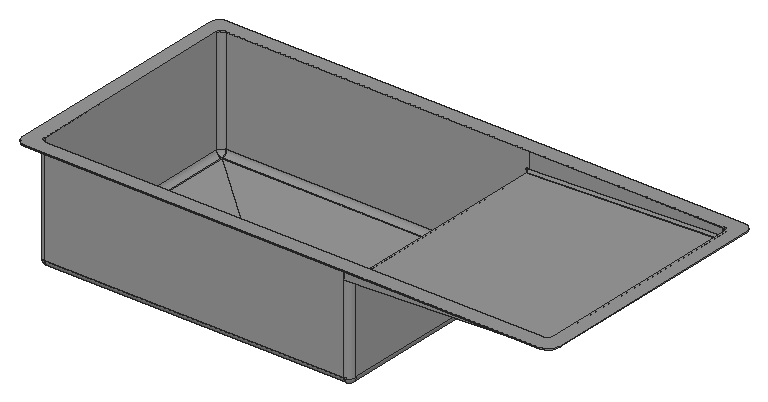
Revit family "BUILDMAT-SNA01009-Cody-950-Drainboard-Stainless Steel", category Plumbing Fixtures, host Face, Revit 2020
Family settings
  Host = Face
  Round Connector Dimension = Use Diameter
  Part Type = Normal
  Cut with Voids When Loaded = No
  Shared = No
  Room Calculation Point = No
Parameters (values of type "Cody 950x450x205mm")
  Width = 550.0 mm
  Undermount [instance] = 0.0 mm
  URL = "https://www.buildmat.com.au/products/950x450x250-single-bowl-drainboard-sink"
  Model = "SNA01009"  # constant formula
  Manufacturer URL = "https://www.buildmat.com.au/"
  Manufacturer = "BUILDMAT"  # constant formula
  Length = 400.0 mm
  Drainboard Length = 350.0 mm
  Description = "BUILDMAT - Cody 950x450 Single Bowl with Drain Board Sink"  # constant formula
  Depth = 205.0 mm
  Default Elevation = 1219.2 mm
  Created By URL = "https://www.buildmat.com.au/"
  Created By = "BUILDMAT"  # constant formula
  Created = "22.06.2022"  # constant formula
  Material = BUILDMAT Stainless Steel
Reference planes
  plane 1 "Center (Front/Back)": y = 0
  plane 2: z = 0
  plane 3 "Center (Left/Right)": x = 0
  plane 4 "Left": x = -275
  plane 5 "Right": x = 275
  plane 6 "Back": y = 200
  plane 7 "Front": y = -200
  plane 8 "Drainboard": x = 625
  plane 9: x = -276.5
  plane 10: x = 626.5
  plane 11: x = -265
  plane 12: x = 265
  plane 13: x = -300
  plane 14: x = 650
  plane 15: y = 201.5
  plane 16: y = -201.5
  plane 17: y = 100
  plane 18: y = -100
  plane 19: y = 225
  plane 20: y = -225
  plane 21 "Top Substrate": z = 0
  plane 22: z = 1.5
  plane 23 "Bottom Void": z = -205
  plane 24: z = -185
  plane 25: z = -195
  plane 26 "Sound Pad": z = -85
  plane 27: z = -196.5
  plane 28: z = -200
  plane 29: z = -201.5
  plane 30: x = -175
  plane 31: x = 175
  plane 32: x = 276.5
  plane 33: x = 615
  plane 34: y = 190
  plane 35: y = -190
  plane 36: x = -45
  plane 37: x = -57
  plane 38: x = 45
  plane 39: x = 57
  plane 40: z = -30
  plane 41: z = -15
  plane 42: x = -100
  plane 43: x = 100
  plane 44: x = 525
Forms (mm)
  Extrusion 1, void
    sketch origin (0, 0, 0) x (-1, 0, 0) y (0, -1, 0)
      loop
        arc (280, -225) -> (294.142, -219.142) -> (300, -205) r 20
        line (300, -205) -> (300, 205)
        arc (300, 205) -> (294.142, 219.142) -> (280, 225) r 20
        line (280, 225) -> (-630, 225)
        arc (-630, 225) -> (-644.142, 219.142) -> (-650, 205) r 20
        line (-650, 205) -> (-650, -205)
        arc (-650, -205) -> (-644.142, -219.142) -> (-630, -225) r 20
        line (-630, -225) -> (280, -225)
    from 0 to 1.5
  Extrusion 2, void
    sketch origin (0, 0, 0) x (-1, 0, 0) y (0, -1, 0)
      loop
        arc (265, -200) -> (272.071, -197.071) -> (275, -190) r 10
        line (275, -190) -> (275, 190)
        arc (275, 190) -> (272.071, 197.071) -> (265, 200) r 10
        line (265, 200) -> (-615, 200)
        arc (-615, 200) -> (-622.071, 197.071) -> (-625, 190) r 10
        line (-625, 190) -> (-625, -190)
        arc (-625, -190) -> (-622.071, -197.071) -> (-615, -200) r 10
        line (-615, -200) -> (265, -200)
    from 1.5 to 0
  Extrusion 3, void
    sketch origin (0, 0, 0) x (-1, 0, 0) y (0, -1, 0)
      loop
        line (276.5, -201.5) -> (276.5, 201.5) -> (-626.5, 201.5) -> (-626.5, -201.5) -> (276.5, -201.5)
    from 0 to -205
  Extrusion 4, solid, material "BUILDMAT Stainless Steel" <- "Material"
    sketch origin (0, 0, 0) x (-1, 0, 0) y (0, -1, 0)
      loop
        arc (265, -200) -> (272.071, -197.071) -> (275, -190) r 10
        line (275, -190) -> (275, 190)
        arc (275, 190) -> (272.071, 197.071) -> (265, 200) r 10
        line (265, 200) -> (-265, 200)
        arc (-265, 200) -> (-272.071, 197.071) -> (-275, 190) r 10
        line (-275, 190) -> (-275, -190)
        arc (-275, -190) -> (-272.071, -197.071) -> (-265, -200) r 10
        line (-265, -200) -> (265, -200)
      loop
        arc (265, -201.5) -> (273.132, -198.132) -> (276.5, -190) r 11.5
        line (276.5, -190) -> (276.5, 190)
        arc (276.5, 190) -> (273.132, 198.132) -> (265, 201.5) r 11.5
        line (265, 201.5) -> (-265, 201.5)
        arc (-265, 201.5) -> (-273.132, 198.132) -> (-276.5, 190) r 11.5
        line (-276.5, 190) -> (-276.5, -190)
        arc (-276.5, -190) -> (-273.132, -198.132) -> (-265, -201.5) r 11.5
        line (-265, -201.5) -> (265, -201.5)
    from 0 to -185
  Extrusion 5, solid, material "BUILDMAT Stainless Steel" <- "Material"
    sketch origin (0, 0, 0) x (-1, 0, 0) y (0, -1, 0)
      loop
        arc (280, -225) -> (294.142, -219.142) -> (300, -205) r 20
        line (300, -205) -> (300, 205)
        arc (300, 205) -> (294.142, 219.142) -> (280, 225) r 20
        line (280, 225) -> (-630, 225)
        arc (-630, 225) -> (-644.142, 219.142) -> (-650, 205) r 20
        line (-650, 205) -> (-650, -205)
        arc (-650, -205) -> (-644.142, -219.142) -> (-630, -225) r 20
        line (-630, -225) -> (280, -225)
      loop
        arc (265, -200) -> (272.071, -197.071) -> (275, -190) r 10
        line (275, -190) -> (275, 190)
        arc (275, 190) -> (272.071, 197.071) -> (265, 200) r 10
        line (265, 200) -> (-615, 200)
        arc (-615, 200) -> (-622.071, 197.071) -> (-625, 190) r 10
        line (-625, 190) -> (-625, -190)
        arc (-625, -190) -> (-622.071, -197.071) -> (-615, -200) r 10
        line (-615, -200) -> (265, -200)
    from 0 to 1.5
  Extrusion 6, solid, material "BUILDMAT Stainless Steel" <- "Material"
    sketch origin (0, 0, 0) x (1, 0, 0) y (0, 0, 1)
      loop
        line (-275, -185) -> (-276.5, -185)
        arc (-276.5, -185) -> (-273.132, -193.132) -> (-265, -196.5) r 11.5
        line (-265, -196.5) -> (-265, -195)
        arc (-265, -195) -> (-272.071, -192.071) -> (-275, -185) r 10
    from -190 to 190
  Extrusion 7, solid, material "BUILDMAT Stainless Steel" <- "Material"
    sketch origin (0, 0, 0) x (1, 0, 0) y (0, 0, 1)
      loop
        arc (275, -185) -> (272.071, -192.071) -> (265, -195) r 10
        line (265, -195) -> (265, -196.5)
        arc (265, -196.5) -> (273.132, -193.132) -> (276.5, -185) r 11.5
        line (276.5, -185) -> (275, -185)
    from -190 to 190
  Extrusion 8, solid, material "BUILDMAT Stainless Steel" <- "Material"
    sketch origin (0, 0, 0) x (0, 1, 0) y (0, 0, 1)
      loop
        arc (200, -185) -> (197.071, -192.071) -> (190, -195) r 10
        line (190, -195) -> (190, -196.5)
        arc (190, -196.5) -> (198.132, -193.132) -> (201.5, -185) r 11.5
        line (201.5, -185) -> (200, -185)
    from -265 to 265
  Extrusion 9, solid, material "BUILDMAT Stainless Steel" <- "Material"
    sketch origin (0, 0, 0) x (0, 1, 0) y (0, 0, 1)
      loop
        line (-200, -185) -> (-201.5, -185)
        arc (-201.5, -185) -> (-198.132, -193.132) -> (-190, -196.5) r 11.5
        line (-190, -196.5) -> (-190, -195)
        arc (-190, -195) -> (-197.071, -192.071) -> (-200, -185) r 10
    from -265 to 265
  Revolve 10, solid, material "BUILDMAT Stainless Steel" <- "Material"
    sketch origin (-414.842, 190, 1219.2) x (-1, 0, 0) y (0, 0, 1)
      loop
        line (-149.842, -1414.2) -> (-149.842, -1415.7)
        arc (-149.842, -1415.7) -> (-141.711, -1412.332) -> (-138.342, -1404.2) r 11.5
        line (-138.342, -1404.2) -> (-139.842, -1404.2)
        arc (-139.842, -1404.2) -> (-142.771, -1411.271) -> (-149.842, -1414.2) r 10
      axis (-149.842, -1404.2) -> (-149.842, -1415.7)
    angle from 0 to -90
  Revolve 11, solid, material "BUILDMAT Stainless Steel" <- "Material"
    sketch origin (-414.842, 190, 1219.2) x (-1, 0, 0) y (0, 0, 1)
      loop
        line (-689.842, -1404.2) -> (-691.342, -1404.2)
        arc (-691.342, -1404.2) -> (-687.974, -1412.332) -> (-679.842, -1415.7) r 11.5
        line (-679.842, -1415.7) -> (-679.842, -1414.2)
        arc (-679.842, -1414.2) -> (-686.913, -1411.271) -> (-689.842, -1404.2) r 10
      axis (-679.842, -1404.2) -> (-679.842, -1415.7)
    angle from 270 to 360
  Revolve 12, solid, material "BUILDMAT Stainless Steel" <- "Material"
    sketch origin (-414.842, -190, 1219.2) x (-1, 0, 0) y (0, 0, 1)
      loop
        line (-149.842, -1414.2) -> (-149.842, -1415.7)
        arc (-149.842, -1415.7) -> (-141.711, -1412.332) -> (-138.342, -1404.2) r 11.5
        line (-138.342, -1404.2) -> (-139.842, -1404.2)
        arc (-139.842, -1404.2) -> (-142.771, -1411.271) -> (-149.842, -1414.2) r 10
      axis (-149.842, -1404.2) -> (-149.842, -1415.7)
    angle from 0 to 90
  Revolve 13, solid, material "BUILDMAT Stainless Steel" <- "Material"
    sketch origin (-414.842, -190, 1219.2) x (-1, 0, 0) y (0, 0, 1)
      loop
        line (-689.842, -1404.2) -> (-691.342, -1404.2)
        arc (-691.342, -1404.2) -> (-687.974, -1412.332) -> (-679.842, -1415.7) r 11.5
        line (-679.842, -1415.7) -> (-679.842, -1414.2)
        arc (-679.842, -1414.2) -> (-686.913, -1411.271) -> (-689.842, -1404.2) r 10
      axis (-679.842, -1404.2) -> (-679.842, -1415.7)
    angle from -270 to -360
  Blend 14, solid, material "BUILDMAT Stainless Steel" <- "Material"
    base sketch origin (0, 0, 0) x (-1, 0, 0) y (0, -1, 0)
      loop
        circle (0, 0) r 57
    top sketch origin (0, 0, 0) x (-1, 0, 0) y (0, -1, 0)
      loop
        line (265, -190) -> (265, 190) -> (-265, 190) -> (-265, -190) -> (265, -190)
    from -201.5 to -196.5
  Extrusion 15, solid, material "BUILDMAT Stainless Steel" <- "Material"
    sketch origin (0, 0, 0) x (-1, 0, 0) y (0, -1, 0)
      loop
        line (265, -190) -> (265, 190) -> (-265, 190) -> (-265, -190) -> (265, -190)
    from -196.5 to -195
  Blend 16, void
    base sketch origin (0, 0, 0) x (-1, 0, 0) y (0, -1, 0)
      loop
        circle (0, 0) r 57
    top sketch origin (0, 0, 0) x (-1, 0, 0) y (0, -1, 0)
      loop
        line (265, -190) -> (265, 190) -> (-265, 190) -> (-265, -190) -> (265, -190)
    from -200 to -195
  Extrusion 17, void
    sketch origin (0, 0, 0) x (-1, 0, 0) y (0, -1, 0)
      loop
        circle (0, 0) r 57
    from -205 to -185
  Revolve 18, solid, material "BUILDMAT Stainless Steel" <- "Material"
    sketch origin (0, 0, 0) x (1, 0, 0) y (0, 0, 1)
      loop
        line (-45, -205) -> (-45, -203.5)
        spline (-45, -203.5) -> (-46.371, -203.47) -> (-47.718, -203.381) -> (-49.018, -203.234) -> (-50.25, -203.031) -> (-51.392, -202.777) -> (-52.425, -202.475) -> (-53.33, -202.131) -> (-54.093, -201.75) -> (-54.701, -201.339) -> (-55.142, -200.906) -> (-55.41, -200.457) -> (-55.5, -200)
        line (-55.5, -200) -> (-57, -200)
        spline (-57, -200) -> (-56.897, -200.653) -> (-56.591, -201.294) -> (-56.087, -201.913) -> (-55.392, -202.5) -> (-54.52, -203.044) -> (-53.485, -203.536) -> (-52.305, -203.967) -> (-51, -204.33) -> (-49.592, -204.619) -> (-48.106, -204.83) -> (-46.566, -204.957) -> (-45, -205)
      axis (0, -200) -> (0, -205)
    angle from 0 to 360
  Extrusion 19, solid, material "BUILDMAT Stainless Steel" <- "Material"
    sketch origin (0, 0, 0) x (1, 0, 0) y (0, 0, 1)
      loop
        line (626.5, -15) -> (626.5, 0) -> (625, 0) -> (625, -13.561) -> (265, -28.499) -> (265, -30) -> (626.5, -15)
    from -190 to 190
  Revolve 20, solid, material "BUILDMAT Stainless Steel" <- "Material"
    sketch origin (-414.842, -190, 1219.2) x (-1, 0, 0) y (0, 0, 1)
      loop
        line (-1041.342, -1219.2) -> (-1041.342, -1234.2) -> (-1029.842, -1234.677) -> (-1029.842, -1233.176) -> (-1039.842, -1232.761) -> (-1039.842, -1219.2) -> (-1041.342, -1219.2)
      axis (-1029.842, -1234.677) -> (-1029.842, -1219.2)
    angle from 0 to 90
  Revolve 21, solid, material "BUILDMAT Stainless Steel" <- "Material"
    sketch origin (-414.842, 190, 1219.2) x (-1, 0, 0) y (0, 0, 1)
      loop
        line (-1041.342, -1219.2) -> (-1041.342, -1234.2) -> (-1029.842, -1234.677) -> (-1029.842, -1233.176) -> (-1039.842, -1232.761) -> (-1039.842, -1219.2) -> (-1041.342, -1219.2)
      axis (-1029.842, -1219.2) -> (-1029.842, -1234.677)
    angle from -90 to 0
  SweptBlend 22, solid, material "BUILDMAT Stainless Steel" <- "Material"
    path origin (0, 0, 0) x (-1, 0, 0) y (0, -1, 0)
      loop
        line (-615, -200) -> (-265, -200)
    profile origin (615, 200, 0) x (0, -1, 0) y (0, 0, 1)
      loop
        line (-1.5, -15) -> (10, -15.419) -> (10, -13.918) -> (0, -13.554) -> (0, 0) -> (-1.5, 0) -> (-1.5, -15)
    end profile origin (265, 200, 0) x (0, -1, 0) y (0, 0, 1)
      loop
        line (10, -28.499) -> (0, -28.134) -> (0, 0) -> (-1.5, 0) -> (-1.5, -29.581) -> (10, -30) -> (10, -28.499)
  SweptBlend 23, solid, material "BUILDMAT Stainless Steel" <- "Material"
    path origin (0, 0, 0) x (-1, 0, 0) y (0, -1, 0)
      loop
        line (-615, 200) -> (-265, 200)
    profile origin (615, -200, 0) x (0, -1, 0) y (0, 0, 1)
      loop
        line (-10, -15.419) -> (1.5, -15) -> (1.5, 0) -> (0, 0) -> (0, -13.554) -> (-10, -13.918) -> (-10, -15.419)
    end profile origin (265, -200, 0) x (0, -1, 0) y (0, 0, 1)
      loop
        line (-10, -30) -> (1.5, -29.581) -> (1.5, 0) -> (0, 0) -> (0, -28.134) -> (-10, -28.499) -> (-10, -30)
  SweptBlend 24, void
    path origin (0, 0, 0) x (1, 0, 0) y (0, 0, 1)
      loop
        line (265, 0) -> (615, 0)
    profile origin (265, 0, 0) x (0, 0, 1) y (0, -1, 0)
      loop
        line (0, -200) -> (0, 200) -> (-29.635, 200) -> (-30, 190) -> (-30, -190) -> (-29.635, -200) -> (0, -200)
    end profile origin (615, 0, 0) x (0, 0, 1) y (0, -1, 0)
      loop
        line (0, -200) -> (0, 200) -> (-15, 200) -> (-15, -200) -> (0, -200)
  Extrusion 25, void
    sketch origin (0, 0, 0) x (-1, 0, 0) y (0, -1, 0)
      loop
        line (-265, -200) -> (-265, 200)
        arc (-265, 200) -> (-272.071, 197.071) -> (-275, 190) r 10
        line (-275, 190) -> (-275, -190)
        arc (-275, -190) -> (-272.071, -197.071) -> (-265, -200) r 10
    from 0 to -30
Cuts and joins
  SweptBlend 24 cuts Extrusion 4
  SweptBlend 24 cuts Extrusion 5
  joined: Extrusion 4, Extrusion 5
  Blend 16, Extrusion 17 cuts Blend 14
  Blend 16 cuts Extrusion 15
  joined: Blend 14, Extrusion 15
  SweptBlend 24 cuts Revolve 20
  SweptBlend 24 cuts Revolve 21
  Extrusion 25 cuts Extrusion 19
  Extrusion 25 cuts SweptBlend 22
  Extrusion 25 cuts SweptBlend 23
Lines and regions (mm)
  Masking region 1
    outline origin (0, 0, 0) x (1, 0, 0) y (0, 0, 1)
      loop
        line (-265, -195) -> (-57, -200) -> (57, -200) -> (265, -195)
        arc (265, -195) -> (272.071, -192.071) -> (275, -185) r 10
        line (275, -185) -> (275, -28.084) -> (625, -13.561) -> (625, 0) -> (-275, 0) -> (-275, -185)
        arc (-275, -185) -> (-272.071, -192.071) -> (-265, -195) r 10
  Masking region 2
    outline origin (0, 0, 0) x (1, 0, 0) y (0, 0, 1)
      loop
        line (-100, -200.466) -> (-100, -205) -> (-57, -205) -> (-57, -201.5) -> (-100, -200.466)
  Masking region 3
    outline origin (0, 0, 0) x (1, 0, 0) y (0, 0, 1)
      loop
        line (100, -200.466) -> (57, -201.5) -> (57, -205) -> (100, -205) -> (100, -200.466)
  Masking region 4
    outline origin (0, 0, 0) x (-1, 0, 0) y (0, -1, 0)
      loop
        arc (-275, 190) -> (-272.071, 197.071) -> (-265, 200) r 10
        line (-265, 200) -> (-615, 200)
        arc (-615, 200) -> (-622.071, 197.071) -> (-625, 190) r 10
        line (-625, 190) -> (-625, -190)
        arc (-625, -190) -> (-622.071, -197.071) -> (-615, -200) r 10
        line (-615, -200) -> (-265, -200)
        arc (-265, -200) -> (-272.071, -197.071) -> (-275, -190) r 10
        line (-275, -190) -> (-275, 190)
  Masking region 5
    outline origin (0, 0, 0) x (1, 0, 0) y (0, 0, 1)
      loop
        line (276.5, -77.929) -> (327.012, -27.417) -> (282.742, -29.261) -> (276.5, -35.503) -> (276.5, -77.929)
  Masking region 6
    outline origin (0, 0, 0) x (1, 0, 0) y (0, 0, 1)
      loop
        line (639, 0) -> (637.5, 0) -> (637.5, -15) -> (639, -15) -> (639, 0)
  symbolic lines
    curve 1: line (276.5, 0, -30) -> (270.471, 0, -36.029)
Text (mm)
  text "Refer to www.buildmat.com.au for the most current product literature. \nAllow a +/- 5mm tolerance for dimensions shown in the product literature. \nPlease note product details are subject to change due to ongoing product development." at (0.056, -1035.857, 0), in view "Ref. Level"
Dimensions and locks
  equal spacing: plane 4 "Left", plane 3 "Center (Left/Right)", plane 5 "Right"
  "Width": plane 4 "Left" to plane 5 "Right"
  equal spacing: plane 6 "Back", plane 1 "Center (Front/Back)", plane 7 "Front"
  "Length": plane 6 "Back" to plane 7 "Front"
  "Drainboard Length": plane 5 "Right" to plane 8 "Drainboard"
  plane 9 to plane 4 "Left" = 1.5 mm
  plane 8 "Drainboard" to plane 10 = 1.5 mm
  locked: plane 4 "Left" to plane 11 at 10
  locked: plane 12 to plane 5 "Right" at 10
  locked: plane 13 to plane 4 "Left" at 25
  locked: plane 8 "Drainboard" to plane 14 at 25
  locked: plane 15 to plane 6 "Back" at 1.5
  locked: plane 7 "Front" to plane 16 at 1.5
  locked: plane 6 "Back" to plane 17 at 100
  locked: plane 7 "Front" to plane 18 at 100
  locked: plane 7 "Front" to plane 20 at 25
  locked: plane 19 to plane 6 "Back" at 25
  locked: plane 22 to plane 21 "Top Substrate" at 1.5
  "Depth": plane 21 "Top Substrate" to plane 23 "Bottom Void"
  "Undermount": plane 2 to plane 21 "Top Substrate"
  plane 24 to plane 25 to plane 23 "Bottom Void" = 10.0 mm, 10.0 mm
  locked: plane 26 "Sound Pad" to plane 23 "Bottom Void" at 120
  locked: plane 25 to plane 27 at 1.5
  locked: plane 28 to plane 23 "Bottom Void" at 5
  plane 28 to plane 29 = 1.5 mm
  locked: plane 30 to plane 4 "Left" at 100
  locked: plane 5 "Right" to plane 31 at 100
  locked: plane 5 "Right" to plane 32 at 1.5
  locked: plane 33 to plane 8 "Drainboard" at 10
  locked: plane 6 "Back" to plane 34 at 10
  locked: plane 35 to plane 7 "Front" at 10
  plane 37 to plane 3 "Center (Left/Right)" to plane 39 = 57.0 mm, 57.0 mm
  plane 36 to plane 3 "Center (Left/Right)" to plane 38 = 45.0 mm, 45.0 mm
  plane 21 "Top Substrate" to plane 41 to plane 40 = 15.0 mm locked, 15.0 mm locked
  locked: Extrusion 19 sketch curve to Extrusion 19 sketch curve at 1.5
  plane 43 to plane 3 "Center (Left/Right)" to plane 42 = 100.0 mm locked, 100.0 mm locked
  locked: plane 44 to plane 8 "Drainboard" at 100
  aligned and locked: plane 2 to host face
  aligned and locked: level to host face
  aligned and locked: plane 13 to Extrusion 1 sketch curve
  aligned and locked: Extrusion 1 sketch curve to plane 14
  aligned and locked: Extrusion 1 sketch curve to plane 19
  aligned and locked: plane 20 to Extrusion 1 sketch curve
  aligned and locked: plane 7 "Front" to Extrusion 2 sketch curve
  aligned and locked: plane 4 "Left" to Extrusion 2 sketch curve
  aligned and locked: Extrusion 2 sketch curve to plane 6 "Back"
  aligned and locked: Extrusion 2 sketch curve to plane 8 "Drainboard"
  aligned and locked: plane 2 to Extrusion 2
  aligned and locked: Extrusion 2 to plane 22
  aligned and locked: Extrusion 3 sketch curve to plane 9
  aligned and locked: plane 10 to Extrusion 3 sketch curve
  aligned and locked: plane 16 to Extrusion 3 sketch curve
  aligned and locked: Extrusion 3 sketch curve to plane 15
  aligned and locked: Extrusion 3 to plane 23 "Bottom Void"
  aligned and locked: plane 21 "Top Substrate" to Extrusion 3
  aligned and locked: Extrusion 4 sketch curve to plane 6 "Back"
  aligned and locked: Extrusion 4 sketch curve to plane 15
  aligned and locked: Extrusion 4 sketch curve to plane 9
  aligned and locked: Extrusion 4 sketch curve to plane 4 "Left"
  aligned and locked: Extrusion 4 sketch curve to plane 32
  aligned and locked: Extrusion 4 sketch curve to plane 5 "Right"
  aligned and locked: Extrusion 4 sketch curve to plane 7 "Front"
  aligned and locked: Extrusion 4 sketch curve to plane 16
  aligned and locked: plane 21 "Top Substrate" to Extrusion 4
  aligned and locked: Extrusion 4 to plane 24
  aligned and locked: Extrusion 5 sketch curve to plane 19
  aligned and locked: Extrusion 5 sketch curve to plane 6 "Back"
  aligned and locked: Extrusion 5 sketch curve to plane 7 "Front"
  aligned and locked: Extrusion 5 sketch curve to plane 20
  aligned and locked: Extrusion 5 sketch curve to plane 4 "Left"
  aligned and locked: Extrusion 5 sketch curve to plane 13
  aligned and locked: Extrusion 5 sketch curve to plane 14
  aligned and locked: Extrusion 5 sketch curve to plane 8 "Drainboard"
  aligned and locked: Extrusion 5 to plane 21 "Top Substrate"
  aligned and locked: plane 22 to Extrusion 5
  aligned and locked: plane 34 to Extrusion 6
  aligned and locked: Extrusion 6 to plane 35
  aligned and locked: plane 34 to Extrusion 7
  aligned and locked: Extrusion 7 to plane 35
  aligned and locked: plane 12 to Extrusion 9
  aligned and locked: Extrusion 9 to plane 11
  aligned and locked: Extrusion 8 to plane 11
  aligned and locked: plane 12 to Extrusion 8
  aligned and locked: Revolve 10 sketch curve to plane 11
  aligned and locked: Revolve 10 sketch curve to Extrusion 6  (x2)
  aligned and locked: cut or joined group of Extrusion 4, Extrusion 5, SweptBlend 24 to Revolve 10 sketch curve
  aligned and locked: Revolve 10 sketch curve to Extrusion 9
  aligned and locked: Revolve 11 sketch curve to plane 12
  aligned and locked: Revolve 11 sketch curve to Extrusion 7  (x2)
  aligned and locked: Revolve 11 sketch curve to cut or joined group of Extrusion 4, Extrusion 5, SweptBlend 24
  aligned and locked: Extrusion 9 to Revolve 11 sketch curve
  aligned and locked: Revolve 12 sketch curve to plane 11
  aligned and locked: Revolve 12 sketch curve to Extrusion 6  (x2)
  aligned and locked: cut or joined group of Extrusion 4, Extrusion 5, SweptBlend 24 to Revolve 12 sketch curve
  aligned and locked: Revolve 12 sketch curve to Extrusion 9
  aligned and locked: Revolve 13 sketch curve to plane 12
  aligned and locked: Revolve 13 sketch curve to Extrusion 7  (x2)
  aligned and locked: Revolve 13 sketch curve to cut or joined group of Extrusion 4, Extrusion 5, SweptBlend 24
  aligned and locked: Extrusion 9 to Revolve 13 sketch curve
  aligned and locked: plane 35 to Blend 14 sketch curve
  aligned and locked: Blend 14 sketch curve to plane 34
  aligned and locked: plane 11 to Blend 14 sketch curve
  aligned and locked: Blend 14 sketch curve to plane 12
  aligned and locked: Blend 14 to plane 29
  aligned and locked: Blend 14 to plane 27
  aligned and locked: plane 11 to Extrusion 15 sketch curve
  aligned and locked: Extrusion 15 sketch curve to plane 34
  aligned and locked: plane 35 to Extrusion 15 sketch curve
  aligned and locked: Extrusion 15 sketch curve to plane 12
  aligned and locked: Extrusion 15 to plane 27
  aligned and locked: Extrusion 15 to plane 25
  aligned and locked: Blend 16 sketch curve to plane 34
  aligned and locked: plane 35 to Blend 16 sketch curve
  aligned and locked: plane 11 to Blend 16 sketch curve
  aligned and locked: Blend 16 sketch curve to plane 12
  aligned and locked: plane 28 to Blend 16
  aligned and locked: Blend 16 to plane 25
  aligned and locked: Extrusion 17 to plane 23 "Bottom Void"
  aligned and locked: plane 24 to Extrusion 17
  aligned and locked: Revolve 18 sketch curve to plane 3 "Center (Left/Right)"
  aligned and locked: Extrusion 19 sketch curve to plane 10
  aligned and locked: Extrusion 19 sketch curve to plane 8 "Drainboard"
  aligned and locked: plane 21 "Top Substrate" to Extrusion 19 sketch curve
  aligned and locked: plane 12 to Extrusion 19 sketch curve
  aligned and locked: plane 40 to Extrusion 19 sketch curve
  aligned and locked: plane 41 to Extrusion 19 sketch curve
  aligned and locked: Extrusion 19 to plane 35
  aligned and locked: plane 34 to Extrusion 19
  aligned and locked: plane 33 to Revolve 20 sketch curve  (x2)
  aligned and locked: Revolve 20 sketch curve to Extrusion 19  (x3)
  aligned and locked: Extrusion 19 to Revolve 20 sketch curve
  aligned and locked: cut or joined group of Extrusion 4, Extrusion 5, SweptBlend 24 to Revolve 20 sketch curve
  aligned and locked: Revolve 21 sketch curve to plane 33
  aligned and locked: Revolve 21 sketch curve to Extrusion 19  (x3)
  aligned and locked: Extrusion 19 to Revolve 21 sketch curve
  aligned and locked: Revolve 20 to Revolve 21 sketch curve
  aligned and locked: cut or joined group of Extrusion 4, Extrusion 5, SweptBlend 24 to Revolve 21 sketch curve
  aligned and locked: plane 12 to SweptBlend 22 sketch curve
  aligned and locked: plane 33 to SweptBlend 22 sketch curve
  aligned and locked: plane 6 "Back" to SweptBlend 22 sketch curve
  aligned and locked: plane 12 to SweptBlend 23 sketch curve
  aligned and locked: plane 33 to SweptBlend 23 sketch curve
  aligned and locked: plane 7 "Front" to SweptBlend 23 sketch curve
  aligned and locked: plane 12 to SweptBlend 24 sketch curve
  aligned and locked: plane 33 to SweptBlend 24 sketch curve
  aligned and locked: SweptBlend 24 sketch curve to plane 21 "Top Substrate"  (x3)
  aligned and locked: SweptBlend 24 sketch curve to plane 6 "Back"  (x2)
  aligned and locked: plane 7 "Front" to SweptBlend 24 sketch curve  (x2)
  aligned and locked: plane 40 to SweptBlend 24 sketch curve
  aligned and locked: plane 41 to SweptBlend 24 sketch curve
  aligned and locked: SweptBlend 22 to SweptBlend 24 sketch curve
  aligned and locked: SweptBlend 24 sketch curve to SweptBlend 23
  aligned and locked: Extrusion 25 sketch curve to cut or joined group of Extrusion 4, Extrusion 5, SweptBlend 24  (x2)
  aligned and locked: Extrusion 25 sketch curve to plane 12
  aligned and locked: Extrusion 25 to plane 40
  aligned and locked: nested 1 to plane 21 "Top Substrate"
  aligned and locked: plane 30 to nested 1
  aligned and locked: nested 2 to plane 21 "Top Substrate"
  aligned and locked: plane 31 to nested 2
  aligned and locked: nested 3 to plane 26 "Sound Pad"
  aligned and locked: plane 3 "Center (Left/Right)" to nested 3
  aligned and locked: plane 30 to nested 4
  aligned and locked: nested 4 to plane 15
  aligned and locked: plane 31 to nested 5
  aligned and locked: nested 5 to plane 15
  aligned and locked: nested 6 to plane 17
  aligned and locked: nested 6 to plane 9
  aligned and locked: nested 7 to plane 18
  aligned and locked: nested 7 to plane 9
  aligned and locked: nested 8 to plane 30
  aligned and locked: plane 16 to nested 8
  aligned and locked: plane 16 to nested 9
  aligned and locked: nested 9 to plane 31
  aligned and locked: nested 13 to plane 44
  aligned and locked: plane 44 to nested 10
  aligned and locked: nested 10 to plane 15
  aligned and locked: plane 16 to nested 13
  aligned and locked: plane 18 to nested 12
  aligned and locked: plane 10 to nested 12
  aligned and locked: plane 17 to nested 11
  aligned and locked: plane 10 to nested 11
  aligned and locked: plane 11 to nested 14
  aligned and locked: plane 12 to nested 14
  aligned and locked: plane 35 to nested 14
  aligned and locked: plane 34 to nested 14
  aligned and locked: plane 3 "Center (Left/Right)" to nested 15
  aligned and locked: plane 1 "Center (Front/Back)" to nested 15
Automatic sketch dimensions
  host sketch curve to host sketch curve = 2438.4 mm  (x2)
  Extrusion 1 sketch curve to plane 10 = 3.5 mm  (x2)
  plane 9 to Extrusion 1 sketch curve = 3.5 mm  (x2)
  Extrusion 2 sketch curve to plane 33 = 0.0 mm  (x2)
  Extrusion 2 sketch curve to plane 11 = 0.0 mm
  Extrusion 2 sketch curve to plane 34 = 0.0 mm
  Extrusion 4 sketch curve to Extrusion 4 sketch curve = 0.0 mm  (x4)
  Extrusion 4 sketch curve to plane 12 = 0.0 mm  (x2)
  Extrusion 4 sketch curve to plane 11 = 0.0 mm
  Extrusion 4 sketch curve to plane 34 = 0.0 mm
  Extrusion 5 sketch curve to plane 33 = 0.0 mm
  Extrusion 5 sketch curve to plane 11 = 0.0 mm  (x2)
  Extrusion 5 sketch curve to plane 35 = 0.0 mm
  Extrusion 5 sketch curve to plane 10 = 3.5 mm  (x2)
  plane 9 to Extrusion 5 sketch curve = 3.5 mm  (x2)
  Extrusion 6 sketch curve to plane 4 "Left" = 0.0 mm
  Extrusion 6 sketch curve to plane 11 = 0.0 mm
  Extrusion 6 sketch curve to plane 27 = 0.0 mm
  Extrusion 6 sketch curve to plane 25 = 0.0 mm
  Extrusion 7 sketch curve to plane 12 = 0.0 mm
  Extrusion 7 sketch curve to plane 5 "Right" = 0.0 mm
  Extrusion 7 sketch curve to plane 24 = 0.0 mm
  plane 32 to Extrusion 7 sketch curve = 0.0 mm
  Extrusion 8 sketch curve to plane 27 = 0.0 mm
  Extrusion 8 sketch curve to plane 34 = 0.0 mm
  Extrusion 8 sketch curve to plane 6 "Back" = 0.0 mm
  Extrusion 8 sketch curve to plane 15 = 0.0 mm
  Extrusion 9 sketch curve to plane 16 = 0.0 mm
  Extrusion 9 sketch curve to plane 7 "Front" = 0.0 mm
  Extrusion 9 sketch curve to plane 35 = 0.0 mm
  Extrusion 9 sketch curve to plane 24 = 0.0 mm
  Revolve 10 sketch curve to plane 27 = 0.0 mm
  Revolve 10 sketch curve to plane 24 = 10.0 mm
  Revolve 11 sketch curve to plane 27 = 0.0 mm
  Revolve 11 sketch curve to plane 24 = 0.0 mm
  Revolve 12 sketch curve to plane 27 = 0.0 mm
  Revolve 12 sketch curve to plane 24 = 0.0 mm
  Revolve 13 sketch curve to plane 27 = 0.0 mm
  Revolve 13 sketch curve to plane 24 = 0.0 mm
  plane 1 "Center (Front/Back)" to Blend 14 sketch curve = 0.0 mm
  Blend 14 sketch curve to plane 3 "Center (Left/Right)" = 0.0 mm
  plane 1 "Center (Front/Back)" to Blend 16 sketch curve = 0.0 mm
  Blend 16 sketch curve to plane 3 "Center (Left/Right)" = 0.0 mm
  plane 1 "Center (Front/Back)" to Extrusion 17 sketch curve = 0.0 mm
  Extrusion 17 sketch curve to plane 3 "Center (Left/Right)" = 0.0 mm
  Revolve 18 sketch curve to plane 28 = 0.0 mm  (x2)
  Revolve 18 sketch curve to plane 37 = 0.0 mm
  Revolve 18 sketch curve to plane 23 "Bottom Void" = 0.0 mm  (x2)
  Revolve 18 sketch curve to plane 36 = 0.0 mm
  Revolve 18 sketch curve to plane 24 = 0.0 mm
  plane 37 to Revolve 18 sketch curve = 1.5 mm
  Revolve 18 sketch curve to Revolve 18 sketch curve = 1.5 mm
  Revolve 20 sketch curve to plane 21 "Top Substrate" = 0.0 mm
  Revolve 20 sketch curve to plane 40 = 0.0 mm
  Revolve 21 sketch curve to plane 40 = 0.0 mm
  Revolve 21 sketch curve to plane 21 "Top Substrate" = 0.0 mm
  SweptBlend 22 sketch curve to plane 21 "Top Substrate" = 15.0 mm
  SweptBlend 22 sketch curve to profile plane = 10.0 mm  (x2)
  SweptBlend 22 sketch curve to SweptBlend 22 sketch curve = 0.419 mm  (x2)
  SweptBlend 22 sketch curve to SweptBlend 22 sketch curve = 1.501 mm  (x2)
  SweptBlend 22 sketch curve to SweptBlend 22 sketch curve = 1.446 mm  (x2)
  SweptBlend 22 sketch curve to plane 21 "Top Substrate" = 0.0 mm  (x2)
  profile plane to SweptBlend 22 sketch curve = 1.5 mm  (x2)
  SweptBlend 22 sketch curve to profile plane = 0.0 mm  (x2)
  SweptBlend 22 sketch curve to plane 21 "Top Substrate" = 28.499 mm
  SweptBlend 23 sketch curve to profile plane = 0.0 mm  (x2)
  SweptBlend 23 sketch curve to plane 21 "Top Substrate" = 0.0 mm  (x2)
  profile plane to SweptBlend 23 sketch curve = 10.0 mm
  SweptBlend 23 sketch curve to plane 21 "Top Substrate" = 13.554 mm
  SweptBlend 23 sketch curve to SweptBlend 23 sketch curve = 0.365 mm  (x2)
  SweptBlend 23 sketch curve to SweptBlend 23 sketch curve = 1.501 mm
  SweptBlend 23 sketch curve to profile plane = 1.5 mm  (x2)
  SweptBlend 23 sketch curve to SweptBlend 23 sketch curve = 1.446 mm  (x2)
  SweptBlend 23 sketch curve to plane 21 "Top Substrate" = 28.134 mm
  SweptBlend 23 sketch curve to SweptBlend 23 sketch curve = 0.419 mm
  SweptBlend 23 sketch curve to SweptBlend 23 sketch curve = 10.0 mm
  Masking region 1 sketch curve to plane 11 = 0.0 mm
  Masking region 1 sketch curve to plane 25 = 0.0 mm  (x2)
  Masking region 1 sketch curve to plane 8 "Drainboard" = 0.0 mm
  plane 41 to Masking region 1 sketch curve = 1.439 mm
  plane 40 to Masking region 1 sketch curve = 1.916 mm
  Masking region 1 sketch curve to plane 12 = 0.0 mm
  Masking region 1 sketch curve to plane 28 = 0.0 mm
  Masking region 1 sketch curve to plane 39 = 0.0 mm
  Masking region 1 sketch curve to plane 37 = 0.0 mm
  Masking region 1 sketch curve to plane 4 "Left" = 0.0 mm
  Masking region 1 sketch curve to plane 5 "Right" = 0.0 mm
  Masking region 1 sketch curve to plane 21 "Top Substrate" = 0.0 mm
  Masking region 2 sketch curve to plane 42 = 0.0 mm
  Masking region 2 sketch curve to plane 29 = 0.0 mm
  Masking region 2 sketch curve to plane 27 = 3.966 mm
  Masking region 2 sketch curve to plane 23 "Bottom Void" = 0.0 mm
  Masking region 2 sketch curve to plane 37 = 0.0 mm
  Masking region 3 sketch curve to plane 43 = 0.0 mm
  Masking region 3 sketch curve to plane 29 = 0.0 mm
  Masking region 3 sketch curve to plane 27 = 3.966 mm
  Masking region 3 sketch curve to plane 23 "Bottom Void" = 0.0 mm
  Masking region 3 sketch curve to plane 39 = 0.0 mm
  Masking region 4 sketch curve to plane 5 "Right" = 0.0 mm
  Masking region 4 sketch curve to plane 6 "Back" = 0.0 mm  (x2)
  Masking region 4 sketch curve to plane 12 = 0.0 mm  (x2)
  Masking region 4 sketch curve to plane 35 = 0.0 mm  (x2)
  Masking region 4 sketch curve to plane 33 = 0.0 mm  (x2)
  plane 11 to Masking region 4 sketch curve = 530.0 mm  (x2)
  Masking region 4 sketch curve to plane 8 "Drainboard" = 0.0 mm
  plane 32 to Masking region 5 sketch curve = 0.0 mm
  plane 26 "Sound Pad" to Masking region 5 sketch curve = 7.071 mm
  plane 40 to Masking region 5 sketch curve = 0.739 mm
  plane 5 "Right" to Masking region 5 sketch curve = 7.742 mm
  plane 40 to Masking region 5 sketch curve = 2.583 mm
  Masking region 5 sketch curve to plane 40 = 5.503 mm
  Masking region 5 sketch curve to Masking region 5 sketch curve = 44.271 mm
  Masking region 6 sketch curve to plane 41 = 0.0 mm
  Masking region 6 sketch curve to plane 10 = 11.0 mm
  Masking region 6 sketch curve to Masking region 6 sketch curve = 1.5 mm
  Masking region 6 sketch curve to plane 21 "Top Substrate" = 0.0 mm
  plane 32 to curve 1 = 0.0 mm
  curve 1 to plane 40 = 0.0 mm
  curve 1 to plane 5 "Right" = 4.529 mm
  curve 1 to plane 40 = 6.029 mm
  radius of Blend 14 sketch curve = 57.0 mm
  radius of Blend 16 sketch curve = 57.0 mm
  radius of Extrusion 17 sketch curve = 57.0 mm
Nested families
  nested 1: "TMB_Front" at (-175, 0, 0) x (1, 0, 0) z (0, -1, 0), type "TMB_Front"
  nested 2: "TMB_Front" at (175, 0, 0) x (1, 0, 0) z (0, -1, 0), type "TMB_Front"
  nested 3: "SP_Front" at (0, 0, -85) x (1, 0, 0) z (0, -1, 0), type "SP_Front"
  nested 4: "TMB_Plan" at (-175, 201.5, 0), type "TMB_Plan"
  nested 5: "TMB_Plan" at (175, 201.5, 0), type "TMB_Plan"
  nested 6: "TMB_Plan" at (-276.5, 100, 0) x (0, 1, 0) z (0, 0, 1), type "TMB_Plan"
  nested 7: "TMB_Plan" at (-276.5, -100, 0) x (0, 1, 0) z (0, 0, 1), type "TMB_Plan"
  nested 8: "TMB_Plan" at (-175, -201.5, 0) x (-1, 0, 0) z (0, 0, 1), type "TMB_Plan"
  nested 9: "TMB_Plan" at (175, -201.5, 0) x (-1, 0, 0) z (0, 0, 1), type "TMB_Plan"
  nested 10: "GB_Plan" at (525, 201.5, 0), type "GB_Plan"
  nested 11: "GB_Plan" at (626.5, 100, 0) x (0, -1, 0) z (0, 0, 1), type "GB_Plan"
  nested 12: "GB_Plan" at (626.5, -100, 0) x (0, -1, 0) z (0, 0, 1), type "GB_Plan"
  nested 13: "GB_Plan" at (525, -201.5, 0) x (-1, 0, 0) z (0, 0, 1), type "GB_Plan"
  nested 14: "BOWL Plan" at (0, 0, -85), type "BOWL Plan"
    with Width 530.0 mm, Lenght 380.0 mm
  nested 15: "DRAIN" at (0, 0, 0), type "DRAIN"
Definition of nested family "TMB_Front"
  Reference planes
    plane 1 "Center (Elevation)": y = 0
    plane 2: z = 0
    plane 3 "Center (Left/Right)": x = 0
  Lines and regions (mm)
    Masking region 1, in view "Ref. Level"
      outline origin (0, 0, 0) x (1, 0, 0) y (0, 1, 0)
        loop
          line (-17.5, 0) -> (-17.5, -80) -> (17.5, -80) -> (17.5, 0) -> (-17.5, 0)
    detail lines, in view "Ref. Level"
      curve 1: line (-17.5, 0, 0) -> (-17.5, -80, 0)
      curve 2: line (-17.5, -80, 0) -> (17.5, -80, 0)
      curve 3: line (17.5, -80, 0) -> (17.5, 0, 0)
      curve 4: line (-12.5, -50, 0) -> (12.5, -50, 0)
      curve 5: line (-12.5, -75, 0) -> (-12.5, -50, 0)
      curve 6: line (12.5, -75, 0) -> (-12.5, -75, 0)
      curve 7: line (12.5, -50, 0) -> (12.5, -75, 0)
Definition of nested family "SP_Front"
  Reference planes
    plane 1 "Center (Elevation)": y = 0
    plane 2: z = 0
    plane 3 "Center (Left/Right)": x = 0
  Lines and regions (mm)
    Masking region 1, in view "Ref. Level"
      outline origin (0, 0, 0) x (1, 0, 0) y (0, 1, 0)
        loop
          arc (-50, 40) -> (-57.071, 37.071) -> (-60, 30) r 10
          line (-60, 30) -> (-60, -30)
          arc (-60, -30) -> (-57.071, -37.071) -> (-50, -40) r 10
          line (-50, -40) -> (50, -40)
          arc (50, -40) -> (57.071, -37.071) -> (60, -30) r 10
          line (60, -30) -> (60, 30)
          arc (60, 30) -> (57.071, 37.071) -> (50, 40) r 10
          line (50, 40) -> (-50, 40)
    detail lines, in view "Ref. Level"
      curve 1: line (-50, 40, 0) -> (50, 40, 0)
      curve 2: line (50, -40, 0) -> (-50, -40, 0)
      curve 3: line (60, 30, 0) -> (60, -30, 0)
      curve 4: line (-60, 30, 0) -> (-60, -30, 0)
      curve 5: arc (-50, 40, 0) -> (-57.071, 37.071, 0) -> (-60, 30, 0) r 10
      curve 6: arc (-60, -30, 0) -> (-57.071, -37.071, 0) -> (-50, -40, 0) r 10
      curve 7: arc (50, -40, 0) -> (57.071, -37.071, 0) -> (60, -30, 0) r 10
      curve 8: arc (60, 30, 0) -> (57.071, 37.071, 0) -> (50, 40, 0) r 10
  Dimensions and locks
    aligned and locked: Masking region 1 sketch curve to curve 1
    aligned and locked: Masking region 1 sketch curve to curve 4
    aligned and locked: Masking region 1 sketch curve to curve 2
    aligned and locked: Masking region 1 sketch curve to curve 3
Definition of nested family "TMB_Plan"
  Reference planes
    plane 1 "Center (Front/Back)": y = 0
    plane 2: z = 0
    plane 3 "Center (Left/Right)": x = 0
  Lines and regions (mm)
    detail lines, in view "Ref. Level"
      curve 1: line (-17.5, 0, 0) -> (17.5, 0, 0)
      curve 2: line (17.5, 0, 0) -> (17.5, 5, 0)
      curve 3: line (17.5, 5, 0) -> (12.5, 5, 0)
      curve 4: line (-17.5, 0, 0) -> (-17.5, 5, 0)
      curve 5: line (-17.5, 5, 0) -> (-12.5, 5, 0)
Definition of nested family "GB_Plan"
  Reference planes
    plane 1 "Center (Front/Back)": y = 0
    plane 2: z = 0
    plane 3 "Center (Left/Right)": x = 0
  Lines and regions (mm)
    detail lines, in view "Ref. Level"
      curve 1: line (-10, 0, 0) -> (10, 0, 0)
      curve 2: line (-10, 0, 0) -> (-10, 10, 0)
      curve 3: line (10, 0, 0) -> (10, 10, 0)
      curve 4: line (-10, 10, 0) -> (-6.464, 13.536, 0)
      curve 5: line (10, 10, 0) -> (6.464, 13.536, 0)
Definition of nested family "BOWL Plan"
  Parameters (values of type "BOWL Plan")
    Width [instance] = 600.0 mm
    Lenght [instance] = 400.0 mm
  Reference planes
    plane 1 "Center (Front/Back)": y = 0
    plane 2: z = 0
    plane 3 "Center (Left/Right)": x = 0
    plane 4 "Left": x = -300
    plane 5 "Right": x = 300
    plane 6 "Back": y = 200
    plane 7 "Front": y = -200
  Lines and regions (mm)
    Masking region 1, in view "Ref. Level"
      outline origin (0, 0, 0) x (1, 0, 0) y (0, 1, 0)
        loop
          line (-300, 200) -> (-300, -200) -> (300, -200) -> (300, 200) -> (-300, 200)
    detail lines, in view "Ref. Level"
      curve 1: line (-300, 200, 0) -> (300, -200, 0)
      curve 2: line (-300, -200, 0) -> (300, 200, 0)
  Dimensions and locks
    equal spacing: plane 6 "Back", plane 1 "Center (Front/Back)", plane 7 "Front"
    "Lenght": plane 6 "Back" to plane 7 "Front"
    equal spacing: plane 4 "Left", plane 3 "Center (Left/Right)", plane 5 "Right"
    "Width": plane 4 "Left" to plane 5 "Right"
    aligned and locked: plane 4 "Left" to Masking region 1 sketch curve
    aligned and locked: Masking region 1 sketch curve to plane 5 "Right"
    aligned and locked: plane 7 "Front" to Masking region 1 sketch curve
    aligned and locked: Masking region 1 sketch curve to plane 6 "Back"
  Automatic sketch dimensions
    curve 2 to plane 4 "Left" = 0.0 mm
    curve 1 to plane 4 "Left" = 0.0 mm
    curve 2 to plane 5 "Right" = 0.0 mm
    curve 1 to plane 5 "Right" = 0.0 mm
    curve 1 to plane 7 "Front" = 0.0 mm
    curve 2 to plane 7 "Front" = 0.0 mm
    curve 2 to plane 6 "Back" = 0.0 mm
    curve 1 to plane 6 "Back" = 0.0 mm
Definition of nested family "DRAIN"
  Reference planes
    plane 1 "Center (Front/Back)": y = 0
    plane 2: z = 0
    plane 3 "Center (Left/Right)": x = 0
  Lines and regions (mm)
    Masking region 1, in view "Ref. Level"
      outline origin (0, 0, 0) x (1, 0, 0) y (0, 1, 0)
        loop
          circle (0, 0) r 57
    detail lines, in view "Ref. Level"
      curve 1: circle (0, 0, 0) r 45 normal (0, 0, 1)
      curve 2: circle (0, 0, 0) r 55.5 normal (0, 0, 1)
